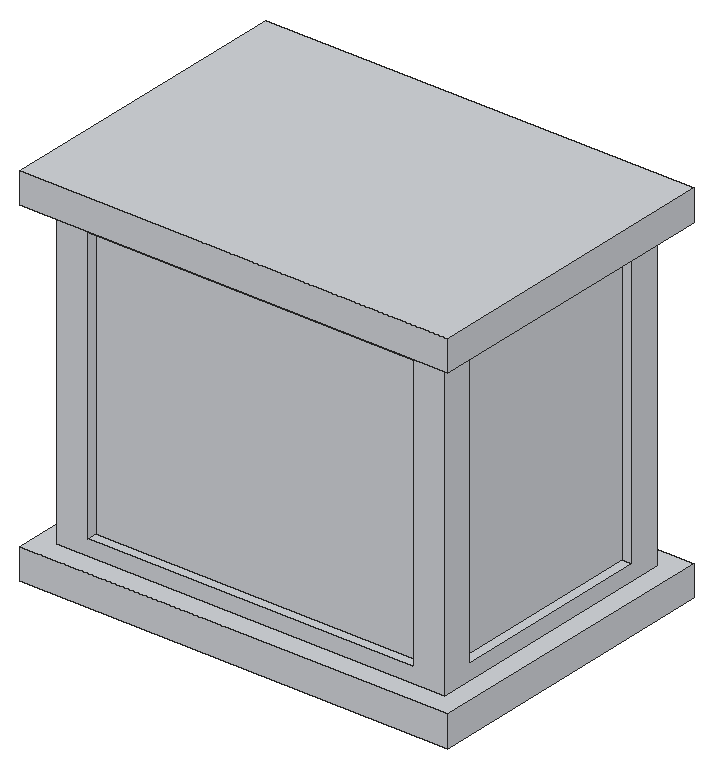
Revit family
Parameters (values of type "SBSP-001.1")
  Width = 3' - 0"
  URL = "www.strombergarchitectural.com"
  Top Material = GFRC
  Submittal Sheet = "www.strombergarchitectural.com/images/materials/gfrc/submittal/gfrc-submittal-sheet.pdf"
  Specifications = "www.strombergarchitectural.com/gfrcspecifications"
  Model Cut-sheet = "www.strombergarchitectural.com/products/bollards/design/sbsp-001"
  Model = "SBSP 001"
  Manufacturer = "Stromberg Architectural Products"
  Guidebook = "www.strombergarchitectural.com/images/materials/gfrc/handbooks/gfrc_guidebook.pdf   \r\n(http://www.strombergarchitectural.com/images/materials/gfrc/handbooks/gfrc_guidebook.pdf"
  Frame Material = none
  Description = "GFRC Bollard"
  Assembly Code = ""
  Height = 2' - 0"
  001.5 = no
  001.4 = no
  001.3 = no
  001.2 = no
  001.1 = yes
Types (6): name | Width | Guidebook | Height | 001.5 | 001.4 | 001.3 | 001.2 | 001.1
  (no name) | 3' - 0" | "www.strombergarchitectural.com/images/materials/gfrc/handbooks/gfrc_guidebook.pdf   \r\n(http://www.strombergarchitectural.com/images/materials/gfrc/handbooks/gfrc_guidebook.pdf" | 2' - 0" | no | no | no | no | yes
  SBSP-001.3 | 3' - 6" | "www.strombergarchitectural.com/images/materials/gfrc/handbooks/gfrc_guidebook.pdf" | 3' - 0" | no | no | yes | no | no
  SBSP-001.1 | 3' - 0" | "www.strombergarchitectural.com/images/materials/gfrc/handbooks/gfrc_guidebook.pdf   \r\n(http://www.strombergarchitectural.com/images/materials/gfrc/handbooks/gfrc_guidebook.pdf" | 2' - 0" | no | no | no | no | yes
  SBSP-001.2 | 3' - 9" | "www.strombergarchitectural.com/images/materials/gfrc/handbooks/gfrc_guidebook.pdf" | 2' - 6" | no | no | no | yes | no
  SBSP-001.4 | 4' - 1" | "www.strombergarchitectural.com/images/materials/gfrc/handbooks/gfrc_guidebook.pdf" | 3' - 6" | no | yes | no | no | no
  SBSP-001.5 | 4' - 8" | "www.strombergarchitectural.com/images/materials/gfrc/handbooks/gfrc_guidebook.pdf" | 4' - 0" | yes | no | no | no | no
Reference planes (in)
  plane 1 "Center (Front/Back)": y = 3.74847
  plane 2: z = 0
  plane 3 "Center (Left/Right)": x = 0.7278
  plane 4 "Front": y = -13.7932
  plane 5: y = -12.25153
  plane 6: y = 21.29013
  plane 7: x = -27.2722
  plane 8: x = -24.68708
  plane 9: x = -20.68708
  plane 10: x = 28.7278
  plane 11: x = 26.14268
  plane 12: x = 22.14268
  plane 13: z = 4
  plane 14: z = 6
  plane 15: z = 42
  plane 16: z = 44
  plane 17: z = 48
  plane 18: y = 19.74847
Forms (in)
  Extrusion 1, solid, visible <- "001.3"
    sketch origin (0, 0, 0) x (1, 0, 0) y (0, 1, 0)
      loop
        line (-20.2722, -11.25153) -> (21.7278, -11.25153) -> (21.7278, 18.74847) -> (-20.2722, 18.74847) -> (-20.2722, -11.25153)
    from 0 to 3
  Extrusion 2, solid, visible <- "001.3"
    sketch origin (16.9778, -48, 3) x (0, -1, 0) y (-1, 0, 0)
      loop
        line (-38.74847, 35.25) -> (-64.74847, 35.25) -> (-64.74847, -2.75) -> (-38.74847, -2.75) -> (-38.74847, 35.25)
    from -1.5 to 0
  Extrusion 3, solid, visible <- "001.3"
    sketch origin (-15.2722, -48, 4.5) x (-1, 0, 0) y (0, -1, 0)
      loop
        line (3, -64.74847) -> (3, -61.74847) -> (2, -61.74847) -> (2, -41.74847) -> (3, -41.74847) -> (3, -38.74847) -> (0, -38.74847) -> (0, -39.74847) -> (-32, -39.74847) -> (-32, -38.74847) -> (-35, -38.74847) -> (-35, -41.74847) -> (-34, -41.74847) -> (-34, -61.74847) -> (-35, -61.74847) -> (-35, -64.74847) -> (-32, -64.74847) -> (-32, -63.74847) -> (0, -63.74847) -> (0, -64.74847) -> (3, -64.74847)
    from 0 to 27
  Extrusion 4, solid, visible <- "001.3"
    sketch origin (-15.2722, -48, 31.5) x (-1, 0, 0) y (0, -1, 0)
      loop
        line (3, -38.74847) -> (-35, -38.74847) -> (-35, -64.74847) -> (3, -64.74847) -> (3, -38.74847)
    from 0 to 1.5
  Extrusion 5, solid, visible <- "001.3"
    sketch origin (19.7278, -48, 33) x (0, -1, 0) y (-1, 0, 0)
      loop
        line (-36.74847, 40) -> (-66.74847, 40) -> (-66.74847, -2) -> (-36.74847, -2) -> (-36.74847, 40)
    from -3 to 0
  Extrusion 6, solid, visible <- "001.1"
    sketch origin (0, 0, 0) x (1, 0, 0) y (0, 1, 0)
      loop
        line (-13.2722, -6.2932) -> (14.7278, -6.2932) -> (14.7278, 13.79013) -> (-13.2722, 13.79013) -> (-13.2722, -6.2932)
    from 0 to 2
  Extrusion 7, solid, visible <- "001.1"
    sketch origin (14.7278, -48, 2) x (0, -1, 0) y (-1, 0, 0)
      loop
        line (-43.0818, 26.66667) -> (-60.41513, 26.66667) -> (-60.41513, 1.33333) -> (-43.0818, 1.33333) -> (-43.0818, 26.66667)
    from -1 to 0
  Extrusion 8, solid, visible <- "001.1"
    sketch origin (11.39447, -48, 3) x (0, -1, 0) y (-1, 0, 0)
      loop
        line (-60.41513, 23.33333) -> (-60.41513, 21.33333) -> (-59.74847, 21.33333) -> (-59.74847, 0) -> (-60.41513, 0) -> (-60.41513, -2) -> (-58.41513, -2) -> (-58.41513, -1.33333) -> (-45.0818, -1.33333) -> (-45.0818, -2) -> (-43.0818, -2) -> (-43.0818, 0) -> (-43.74847, 0) -> (-43.74847, 21.33333) -> (-43.0818, 21.33333) -> (-43.0818, 23.33333) -> (-45.0818, 23.33333) -> (-45.0818, 22.66667) -> (-58.41513, 22.66667) -> (-58.41513, 23.33333) -> (-60.41513, 23.33333)
    from -18 to 0
  Extrusion 9, solid, visible <- "001.1"
    sketch origin (11.39447, -48, 21) x (0, -1, 0) y (-1, 0, 0)
      loop
        line (-43.0818, 23.33333) -> (-60.41513, 23.33333) -> (-60.41513, -2) -> (-43.0818, -2) -> (-43.0818, 23.33333)
    from -1 to 0
  Extrusion 10, solid, visible <- "001.1"
    sketch origin (14.7278, -48, 22) x (0, -1, 0) y (-1, 0, 0)
      loop
        line (-41.7068, 28) -> (-61.79013, 28) -> (-61.79013, 0) -> (-41.7068, 0) -> (-41.7068, 28)
    from -2.00188 to 0
  Extrusion 11, solid, visible <- "001.2"
    sketch origin (0, 0, 0) x (1, 0, 0) y (0, 1, 0)
      loop
        line (-16.7722, -8.70987) -> (18.2278, -8.70987) -> (18.2278, 16.2068) -> (-16.7722, 16.2068) -> (-16.7722, -8.70987)
    from 0 to 2.5
  Extrusion 12, solid, visible <- "001.2"
    sketch origin (-31.5222, -48, 2.5) x (-1, 0, 0) y (0, -1, 0)
      loop
        line (-16.36882, -62.5818) -> (-16.36882, -40.91513) -> (-48.13118, -40.91513) -> (-48.13118, -62.5818) -> (-16.36882, -62.5818)
    from 0 to 1.25
  Extrusion 13, solid, visible <- "001.2"
    sketch origin (-31.5222, -48, 3.75) x (-1, 0, 0) y (0, -1, 0)
      loop
        line (-16.36882, -62.5818) -> (-16.36882, -60.0818) -> (-17.25, -60.0818) -> (-17.25, -43.41513) -> (-16.36882, -43.41513) -> (-16.36882, -40.91513) -> (-18.91667, -40.91513) -> (-18.91667, -41.7068) -> (-45.58333, -41.7068) -> (-45.58333, -40.91513) -> (-48.13118, -40.91513) -> (-48.13118, -43.41513) -> (-47.25, -43.41513) -> (-47.25, -60.0818) -> (-48.13118, -60.0818) -> (-48.13118, -62.5818) -> (-45.63118, -62.5818) -> (-45.58333, -61.79013) -> (-18.91667, -61.79013) -> (-18.91667, -62.5818) -> (-16.36882, -62.5818)
    from 0 to 22.5
  Extrusion 14, solid, visible <- "001.2"
    sketch origin (-31.5222, -48, 26.25) x (-1, 0, 0) y (0, -1, 0)
      loop
        line (-16.36882, -62.5818) -> (-16.36882, -40.91513) -> (-48.13118, -40.91513) -> (-48.13118, -62.5818) -> (-16.36882, -62.5818)
    from 0 to 1.25
  Extrusion 15, solid, visible <- "001.2"
    sketch origin (-31.5222, -48, 27.5) x (-1, 0, 0) y (0, -1, 0)
      loop
        line (-14.75, -64.2068) -> (-14.75, -39.29013) -> (-49.75, -39.29013) -> (-49.75, -64.2068) -> (-14.75, -64.2068)
    from 0 to 2.5
  Extrusion 16, solid, visible <- "001.4"
    sketch origin (0, 0, 0) x (1, 0, 0) y (0, 1, 0)
      loop
        line (-23.7722, -13.7932) -> (25.2278, -13.7932) -> (25.2278, 21.29013) -> (-23.7722, 21.29013) -> (-23.7722, -13.7932)
    from 0 to 3.5
  Extrusion 17, solid, visible <- "001.4"
    sketch origin (25.2278, -48, 3.5) x (0, -1, 0) y (-1, 0, 0)
      loop
        line (-66.91513, 46.66667) -> (-66.91513, 2.33333) -> (-36.5818, 2.33333) -> (-36.5818, 46.66667) -> (-66.91513, 46.66667)
    from -1.75 to 0
  Extrusion 18, solid, visible <- "001.4"
    sketch origin (7.39447, -48, 5.25) x (0, -1, 0) y (-1, 0, 0)
      loop
        line (-66.91513, 28.83333) -> (-66.91513, 25.33333) -> (-65.74847, 25.33333) -> (-65.74847, -12) -> (-66.91513, -12) -> (-66.91513, -15.5) -> (-63.41513, -15.5) -> (-63.41513, -14.33333) -> (-40.0818, -14.33333) -> (-40.0818, -15.5) -> (-36.5818, -15.5) -> (-36.5818, -12) -> (-37.74847, -12) -> (-37.74847, 25.33333) -> (-36.5818, 25.33333) -> (-36.5818, 28.83333) -> (-40.0818, 28.83333) -> (-40.0818, 27.66667) -> (-63.41513, 27.66667) -> (-63.41513, 28.83333) -> (-66.91513, 28.83333)
    from -31.5 to 0
  Extrusion 19, solid, visible <- "001.4"
    sketch origin (7.39447, -48, 36.75) x (0, -1, 0) y (-1, 0, 0)
      loop
        line (-66.91513, 28.83333) -> (-66.91513, -15.5) -> (-36.5818, -15.5) -> (-36.5818, 28.83333) -> (-66.91513, 28.83333)
    from -1.75 to 0
  Extrusion 20, solid, visible <- "001.4"
    sketch origin (7.39447, -48, 38.5) x (0, -1, 0) y (-1, 0, 0)
      loop
        line (-69.29013, 31.16667) -> (-69.29013, -17.83333) -> (-34.2068, -17.83333) -> (-34.2068, 31.16667) -> (-69.29013, 31.16667)
    from -3.5 to 0
  Extrusion 21, solid, visible <- "001.5"
    sketch origin (0, 0, 0) x (1, 0, 0) y (0, 1, 0)
      loop
        line (-27.2722, 23.7068) -> (-27.2722, -16.20987) -> (28.7278, -16.20987) -> (28.7278, 23.7068) -> (-27.2722, 23.7068)
    from 0 to 4
  Extrusion 22, solid, visible <- "001.5"
    sketch origin (-46.2722, -48, 4) x (-1, 0, 0) y (0, -1, 0)
      loop
        line (-21.66667, -69.0818) -> (-21.66667, -34.41513) -> (-72.33333, -34.41513) -> (-72.33333, -69.0818) -> (-21.66667, -69.0818)
    from 0 to 2
  Extrusion 23, solid, visible <- "001.5"
    sketch origin (-46.2722, -48, 6) x (-1, 0, 0) y (0, -1, 0)
      loop
        line (-21.66667, -69.0818) -> (-21.66667, -65.0818) -> (-23, -65.0818) -> (-23, -38.41513) -> (-21.66667, -38.41513) -> (-21.66667, -34.41513) -> (-25.66667, -34.41513) -> (-25.66667, -35.74847) -> (-68.33333, -35.74847) -> (-68.33333, -34.41513) -> (-72.33333, -34.41513) -> (-72.33333, -38.41513) -> (-71, -38.41513) -> (-71, -65.0818) -> (-72.33333, -65.0818) -> (-72.33333, -69.0818) -> (-68.33333, -69.0818) -> (-68.33333, -67.74847) -> (-25.66667, -67.74847) -> (-25.66667, -69.0818) -> (-21.66667, -69.0818)
    from 0 to 36
  Extrusion 24, solid, visible <- "001.5"
    sketch origin (-46.2722, -48, 42) x (-1, 0, 0) y (0, -1, 0)
      loop
        line (-21.66667, -69.0818) -> (-21.66667, -34.41513) -> (-72.33333, -34.41513) -> (-72.33333, -69.0818) -> (-21.66667, -69.0818)
    from 0 to 2
  Extrusion 25, solid, visible <- "001.5"
    sketch origin (-46.2722, -48, 44) x (-1, 0, 0) y (0, -1, 0)
      loop
        line (-19, -71.7068) -> (-19, -31.79013) -> (-75, -31.79013) -> (-75, -71.7068) -> (-19, -71.7068)
    from 0 to 4
Cuts and joins
  joined: Extrusion 1, Extrusion 2, Extrusion 3, Extrusion 4, Extrusion 5
  joined: Extrusion 6, Extrusion 7, Extrusion 8, Extrusion 9, Extrusion 10
  joined: Extrusion 11, Extrusion 12, Extrusion 13, Extrusion 14, Extrusion 15
  joined: Extrusion 16, Extrusion 17, Extrusion 18, Extrusion 19, Extrusion 20
  joined: Extrusion 21, Extrusion 22, Extrusion 23, Extrusion 24, Extrusion 25
Dimensions and locks (in)
  aligned and locked: Extrusion 1 to plane 2
  aligned and locked: Extrusion 6 to plane 2
  aligned and locked: Extrusion 11 to plane 2
